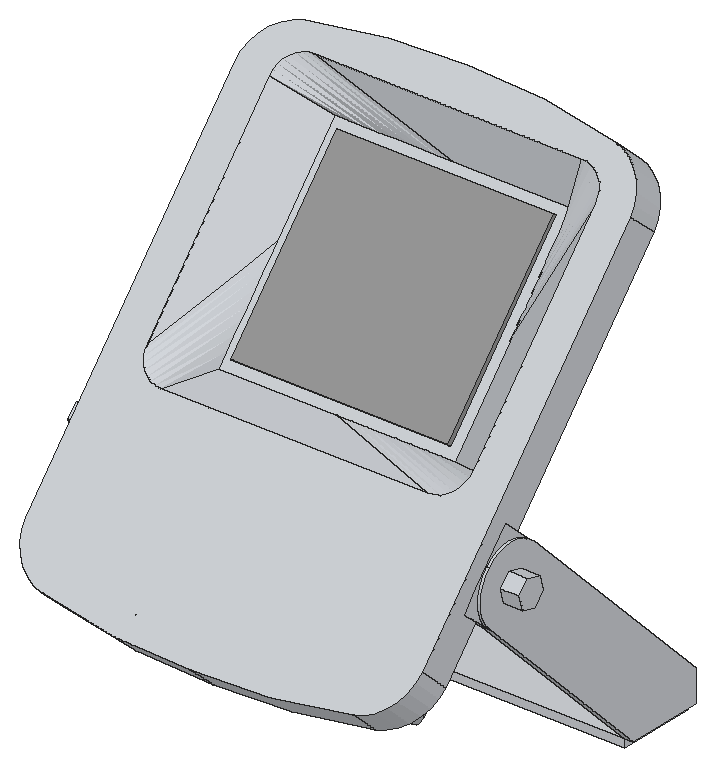
Revit family "0056711", category Generic Models, host Face, Revit 2018
Family settings
  Host = Face
  Can host rebar = No
  Round Connector Dimension = Use Diameter
  Part Type = Normal
  OmniClass Number = 23.80.70.00
  OmniClass Title = Lighting
  Cut with Voids When Loaded = No
  Shared = No
  Room Calculation Point = No
Parameters (values of type "Type Name")
  bracket length = 203 mm
  Width = 40 mm
  URL = "http://www.sylvania-lighting.com"
  Type Image = <None>
  Type Comments = "n/a"
  Material_3_SYL = none
  Model = ""
  Manufacturer = "Feilo Sylvania"
  Length = 231 mm
  Keynote = ""
  Material_2_SYL = none
  Description = ""
  Default Elevation = 1219.2 mm
  Cost = 0
  Material_1_SYL = none
  Assembly Code = ""
  Material_4_SYL = none
Reference planes
  plane 1 "Center (Front/Back)": y = 0
  plane 2: z = 0
  plane 3 "Center (Left/Right)": x = 0
  plane 4: y = 20
  plane 5: y = -20
  plane 6: x = -115.5
  plane 7: x = 115.5
  plane 8: y = 46
  plane 9: z = 200
  plane 10: through (0, -20, 4) normal (0, 0.7071, 0.7071)
  plane 11: through (0, 28.284, 12.284) normal (0, 0.7071, 0.7071)
  plane 12: z = 180
  plane 13: through (0, 7.834, 4.45) normal (0, 0.7071, 0.7071)
  plane 14: through (0, -70.356, 137.359) normal (0, -0.7071, 0.7071)
  plane 15: z = 126
  plane 16: z = 110
  plane 17: through (0, -97.716, 110) normal (0, -0.7071, 0.7071)
  plane 18: through (0, -86.18, 149.82) normal (0, -0.7071, 0.7071)
  plane 19: x = -101.5
  plane 20: x = 101.5
Forms (mm)
  Extrusion 1, solid, detail levels medium+fine
    sketch origin (0, 0, 0) x (1, 0, 0) y (0, 1, 0)
      loop
        line (-97.548, 20) -> (-97.548, -20) -> (101.491, -20) -> (101.491, 20) -> (-97.548, 20)
    from 0 to 4
  Extrusion 2, solid, detail levels medium+fine
    sketch origin (25.482, 1524, 1219.2) x (0, 1, 0) y (0, 0, 1)
      loop
        arc (-1607.574, -1095.058) -> (-1621.716, -1089.2) -> (-1635.858, -1095.058) r 20
        arc (-1635.858, -1095.058) -> (-1641.716, -1109.2) -> (-1635.858, -1123.342) r 20
        line (-1635.858, -1123.342) -> (-1544, -1215.2) -> (-1504, -1215.2) -> (-1504, -1198.631) -> (-1607.574, -1095.058)
    from -123.03 to -126.982
  Extrusion 3, solid, detail levels fine
    sketch origin (-37.5, 1594, 1149.2) x (0, 1, 0) y (0, 0, 1)
      loop
        line (-1686.059, -1033.543) -> (-1693.786, -1031.473) -> (-1699.443, -1037.129) -> (-1697.373, -1044.857) -> (-1689.645, -1046.927) -> (-1683.988, -1041.271) -> (-1686.059, -1033.543)
    from -78 to -64
  Revolve 4, solid, detail levels medium
    sketch origin (1528.249, -97.584, 1149.178) x (1, 0, 0) y (0, 0, 1)
      loop
        line (-1426.757, -1019.2) -> (-1428.444, -1019.2) -> (-1428.444, -1039.2) -> (-1426.757, -1039.2) -> (-1426.757, -1019.2)
      axis (-1428.444, -1039.2) -> (-1426.757, -1039.2)
    angle from 41.575 to 222.798
  Extrusion 5, solid, detail levels medium+fine
    sketch origin (319, 1524, 1219.2) x (0, 1, 0) y (0, 0, 1)
      loop
        arc (-1607.574, -1095.058) -> (-1621.716, -1089.2) -> (-1635.858, -1095.058) r 20
        arc (-1635.858, -1095.058) -> (-1641.716, -1109.2) -> (-1635.858, -1123.342) r 20
        line (-1635.858, -1123.342) -> (-1544, -1215.2) -> (-1504, -1215.2) -> (-1504, -1198.631) -> (-1607.574, -1095.058)
    from -217.509 to -213.509
  Extrusion 6, solid, detail levels fine
    sketch origin (286.5, 1594, 1149.2) x (0, 1, 0) y (0, 0, 1)
      loop
        line (-1686.059, -1033.543) -> (-1693.786, -1031.473) -> (-1699.443, -1037.129) -> (-1697.373, -1044.857) -> (-1689.645, -1046.927) -> (-1683.988, -1041.271) -> (-1686.059, -1033.543)
    from -181.009 to -171
  Extrusion 7, solid, detail levels coarse
    sketch origin (0, 0, 0) x (1, 0, 0) y (0, 1, 0)
      loop
        line (-115.5, 20) -> (-115.5, -117.774) -> (115.5, -117.774) -> (115.5, 20) -> (-115.5, 20)
    from 0 to 129.969
Dimensions and locks
  "Width": plane 4 to plane 5
  equal spacing: plane 4, plane 1 "Center (Front/Back)", plane 5
  "Length": plane 6 to plane 7
  equal spacing: plane 6, plane 3 "Center (Left/Right)", plane 7
  "bracket length": plane 19 to plane 20
  equal spacing: plane 19, plane 3 "Center (Left/Right)", plane 20
  aligned and locked: plane 2 to host face
  aligned and locked: level to host face
Automatic sketch dimensions
  host sketch curve to host sketch curve = 2438.4 mm  (x2)
  Extrusion 1 sketch curve to plane 5 = 0 mm
  plane 6 to Extrusion 1 sketch curve = 17.952 mm
  Extrusion 1 sketch curve to plane 7 = 14.009 mm
  Extrusion 1 sketch curve to plane 4 = 0 mm
  Extrusion 2 sketch curve to Extrusion 2 sketch curve = 0 mm  (x2)
  Extrusion 2 sketch curve to plane 10 = 0 mm  (x2)
  Extrusion 2 sketch curve to plane 14 = 0 mm  (x2)
  Extrusion 2 sketch curve to plane 13 = 0 mm  (x2)
  Extrusion 2 sketch curve to plane 18 = 0 mm
  Extrusion 2 sketch curve to plane 5 = 0 mm
  Extrusion 2 sketch curve to plane 4 = 0 mm
  Extrusion 2 sketch curve to plane 11 = 0 mm
  Extrusion 3 sketch curve to plane 14 = 0 mm  (x2)
  plane 16 to Extrusion 3 sketch curve = 2.071 mm
  Extrusion 3 sketch curve to plane 5 = 85.443 mm
  Extrusion 3 sketch curve to plane 16 = 5.657 mm
  plane 16 to Extrusion 3 sketch curve = 7.727 mm
  Extrusion 3 sketch curve to Extrusion 3 sketch curve = 5.657 mm
  Extrusion 3 sketch curve to plane 16 = 7.727 mm
  Extrusion 3 sketch curve to Extrusion 3 sketch curve = 7.727 mm
  plane 16 to Extrusion 3 sketch curve = 5.657 mm
  Extrusion 3 sketch curve to plane 16 = 2.071 mm
  Extrusion 3 sketch curve to Extrusion 3 sketch curve = 2.071 mm
  Revolve 4 sketch curve to plane 7 = 15.696 mm
  Revolve 4 sketch curve to Revolve 4 sketch curve = 1.687 mm
  Revolve 4 sketch curve to plane 12 = 70.022 mm  (x2)
  Revolve 4 sketch curve to plane 9 = 70.022 mm
  Revolve 4 sketch curve to Revolve 4 sketch curve = 8.585 mm
  plane 7 to Revolve 4 sketch curve = 24.576 mm
  Extrusion 5 sketch curve to Extrusion 5 sketch curve = 0 mm  (x2)
  Extrusion 5 sketch curve to plane 10 = 0 mm  (x2)
  Extrusion 5 sketch curve to plane 14 = 0 mm  (x2)
  Extrusion 5 sketch curve to plane 13 = 0 mm  (x2)
  Extrusion 5 sketch curve to plane 18 = 0 mm
  Extrusion 5 sketch curve to plane 5 = 0 mm
  Extrusion 5 sketch curve to plane 4 = 0 mm
  Extrusion 5 sketch curve to plane 11 = 0 mm
  Extrusion 6 sketch curve to plane 14 = 0 mm  (x2)
  plane 16 to Extrusion 6 sketch curve = 2.071 mm
  Extrusion 6 sketch curve to plane 5 = 85.443 mm
  Extrusion 6 sketch curve to plane 16 = 5.657 mm
  plane 16 to Extrusion 6 sketch curve = 7.727 mm
  Extrusion 6 sketch curve to Extrusion 6 sketch curve = 5.657 mm
  Extrusion 6 sketch curve to plane 16 = 7.727 mm
  Extrusion 6 sketch curve to Extrusion 6 sketch curve = 7.727 mm
  plane 16 to Extrusion 6 sketch curve = 5.657 mm
  Extrusion 6 sketch curve to plane 16 = 2.071 mm
  Extrusion 6 sketch curve to Extrusion 6 sketch curve = 2.071 mm
  plane 6 to Extrusion 7 sketch curve = 0 mm
  Extrusion 7 sketch curve to plane 7 = 0 mm
  Extrusion 7 sketch curve to plane 4 = 0 mm
  Extrusion 7 sketch curve to plane 5 = 97.774 mm
Nested families
  nested 1: "56711 head" at (2.127, -63.359, 148.56) x (-1, 0, 0) z (0, -0.7481, 0.6636), type "0056711 KALANI IP66 7KLM 840 ASYM"
    with built-in parameter 1114216 (empty or 0)
Definition of nested family "56711 head"
  Parameters (values of type "0056711 KALANI IP66 7KLM 840 ASYM")
    length = 267 mm
    height = 68 mm
    Width = 203 mm
    Wattage Comments = "n/a"
    Wattage = 9.2903 W
    built-in parameter 1150110 = 1 (stored number, unit not read)
    URL = "0.95"
    Type Image = (empty or 0)
    Type Comments = "n/a"
    built-in parameter 1114217 = 1 (stored number, unit not read)
    Tilt Angle = 90.00°
    built-in parameter 1150109 = 1 (stored number, unit not read)
    built-in parameter 1150134 = 3
    built-in parameter 1150113 = 1 (stored number, unit not read)
    Photometric Web File = "0056711.IES"
    Material_3_SYL = none
    Model = "Kalani IP66 7KLM 840 ASYM"
    Manufacturer = ""
    built-in parameter 1150105 = 109.82 (stored number, unit not read)
    Lumens = 1380 lm
    built-in parameter 1150115 = 1 (stored number, unit not read)
    built-in parameter 1150137 = (empty or 0)
    built-in parameter 1150139 = (empty or 0)
    built-in parameter 1150112 = 1 (stored number, unit not read)
    built-in parameter 1150114 = 1 (stored number, unit not read)
    Lamp = "n/a"
    Keynote = "n/a"
    Material_2_SYL = none
    built-in parameter 1150132 = (empty or 0)
    built-in parameter 1150102 = (empty or 0)
    built-in parameter 1150107 = 3200 (stored number, unit not read)
    built-in parameter 1150138 = (empty or 0)
    built-in parameter 1150106 = 1.0982 (stored number, unit not read)
    Emit from Circle Diameter = 609.6 mm
    Emit Shape Visible in Rendering = no
    built-in parameter 1150104 = 13.8 (stored number, unit not read)
    Dimming Lamp Color Temperature Shift = (empty or 0)
    Description = "Exterior LED Floodlight, comes complete with 1000mm flying lead and adjustable bracket, aluminium housing, clear glass diffuser, IP66, IK08, Class I, 4000K, CRI80, Non-dimmable, 7300lm, 51W, 143lm/W, Asymmetrical Wide beam, 100.000hrs L70B50 lifespan, 330 x 231 x 68mm (LxWxD) dimensions, 2.1kg weight, RAL9017 Traffic Black color."
    Default Elevation = 1219.2 mm
    Cost = 0
    Color Filter = 16777215
    built-in parameter 1114216 [instance] = (empty or 0)
    Material_1_SYL = none
    built-in parameter 1114218 = 1 (stored number, unit not read)
    built-in parameter 1150133 = 10 (stored number, unit not read)
    Assembly Code = "D5020200"
    Apparent Load = 51 VA
    Material_4_SYL = none
  Reference planes
    plane 1 "Center (Front/Back)": y = 0
    plane 2: z = 0
    plane 3 "Center (Left/Right)": x = 0
    plane 4: z = 30
    plane 5: x = -101.5
    plane 6: x = 101.5
    plane 7: y = 133.5
    plane 8: y = -133.5
    plane 9: y = 126.5
    plane 10: x = -79.5
    plane 11: y = 100.5
    plane 12: z = -38
    plane 13: y = 115.5
    plane 14: x = -83.5
    plane 15: x = 83.5
    plane 16: x = -68.5
    plane 17: z = -17.627
    plane 18: z = -29.097
    plane 19: x = 79.5
    plane 20: x = -32.747
    plane 21: x = 32.7
    plane 22: y = -115.5
    plane 23: x = 83.5
    plane 24: x = -83.5
    plane 25: y = 32.5
    plane 26: y = 14.5
    plane 27: x = -60.5
    plane 28: x = 60.5
    plane 29: y = -97.5
    plane 30: y = 17.5
    plane 31: y = -41.5
    plane 32: y = 9.5
    plane 33: x = -55.5
    plane 34: x = 55.5
    plane 35: y = -92.5
    plane 36: z = 20
    plane 37: y = 51.5
    plane 38: y = 71.5
    plane 39: y = 31.5
    plane 40: z = -18
  Forms (mm)
    Extrusion 1, solid
      sketch origin (4.2, 0, 0) x (1, 0, 0) y (0, 1, 0)
        loop
          line (-1219.2, 1219.2) -> (-1219.2, -1219.2) -> (1219.2, -1219.2) -> (1219.2, 1219.2) -> (-1219.2, 1219.2)
      from 0 to -68.017
    Extrusion 2, solid, detail levels medium+fine
      sketch origin (0, 0, 0) x (1, 0, 0) y (0, 1, 0)
        loop
          arc (0, 133.5) -> (-39.943, 132.193) -> (-79.5, 126.5) r 362.813
          arc (-79.5, 126.5) -> (-95.029, 117.332) -> (-101.5, 100.5) r 27.406
          line (-101.5, 100.5) -> (-101.5, -100.5)
          arc (-101.5, -100.5) -> (-95.029, -117.332) -> (-79.5, -126.5) r 27.406
          arc (-79.5, -126.5) -> (-39.943, -132.193) -> (0, -133.5) r 362.813
          arc (0, -133.5) -> (39.943, -132.193) -> (79.5, -126.5) r 362.813
          arc (79.5, -126.5) -> (95.029, -117.332) -> (101.5, -100.5) r 27.406
          line (101.5, -100.5) -> (101.5, 100.5)
          arc (101.5, 100.5) -> (95.029, 117.332) -> (79.5, 126.5) r 27.406
          arc (79.5, 126.5) -> (39.943, 132.193) -> (0, 133.5) r 362.813
      from 30 to 10
    Extrusion 3, solid
      sketch origin (0, 0, 0) x (1, 0, 0) y (0, 1, 0)
        loop
          line (-83.5, 100.5) -> (-83.5, 0.341) -> (-83.5, -99.817)
          arc (-83.5, -99.817) -> (-79.107, -110.424) -> (-68.5, -114.817) r 15
          line (-68.5, -114.817) -> (0, -114.817) -> (68.5, -114.817)
          arc (68.5, -114.817) -> (79.107, -110.424) -> (83.5, -99.817) r 15
          line (83.5, -99.817) -> (83.5, 0.341) -> (83.5, 100.5)
          arc (83.5, 100.5) -> (79.107, 111.107) -> (68.5, 115.5) r 15
          line (68.5, 115.5) -> (0, 115.5) -> (-68.5, 115.5)
          arc (-68.5, 115.5) -> (-79.107, 111.107) -> (-83.5, 100.5) r 15
      from -38 to 10
    Extrusion 4, void, detail levels medium+fine
      sketch origin (0, 0, 0) x (0, 1, 0) y (0, 0, 1)
        loop
          line (-114.817, 10) -> (-119.5, 10) -> (-119.5, -45) -> (120.5, -45) -> (120.5, 10) -> (115.5, 10) -> (115.5, -23)
          arc (115.5, -23) -> (111.107, -33.607) -> (100.5, -38) r 15
          arc (100.5, -38) -> (7.342, -26.72) -> (-84.506, -7.5) r 1094.362
          arc (-84.506, -7.5) -> (-100.87, -0.843) -> (-114.817, 10) r 64.575
      from -96.169 to 98.305
    Extrusion 5, void
      sketch origin (0, 0, 0) x (1, 0, 0) y (0, 0, 1)
        loop
          arc (-68.5, -29.076) -> (-76.864, -21.997) -> (-81.364, -12.005) r 24.817
          arc (-81.364, -12.005) -> (-83.004, -1.058) -> (-83.5, 10) r 106.706
          line (-83.5, 10) -> (-88.5, 10) -> (-88.5, -42.228) -> (-32.747, -42.228) -> (-32.747, -38)
          arc (-32.747, -38) -> (-51.151, -35.65) -> (-68.5, -29.076) r 79.063
      from -197.298 to 143.969
    Extrusion 6, void
      sketch origin (0, 0, 0) x (1, 0, 0) y (0, 0, 1)
        loop
          line (32.7, -38) -> (32.7, -42.67) -> (88.5, -42.67) -> (88.5, 10) -> (83.5, 10)
          arc (83.5, 10) -> (82.642, -3.979) -> (79.5, -17.627) r 84.98
          arc (79.5, -17.627) -> (74.94, -24.255) -> (68.5, -29.076) r 24.816
          arc (68.5, -29.076) -> (51.128, -35.656) -> (32.7, -38) r 79.067
      from -197.298 to 143.969
    Blend 7, void
      base sketch origin (0, 0, 0) x (1, 0, 0) y (0, 1, 0)
        loop
          line (-83.5, 17.5) -> (-83.5, -100.5)
          arc (-83.5, -100.5) -> (-79.107, -111.107) -> (-68.5, -115.5) r 15
          line (-68.5, -115.5) -> (68.5, -115.5)
          arc (68.5, -115.5) -> (79.107, -111.107) -> (83.5, -100.5) r 15
          line (83.5, -100.5) -> (83.5, 17.5)
          arc (83.5, 17.5) -> (79.107, 28.107) -> (68.5, 32.5) r 15
          line (68.5, 32.5) -> (-68.5, 32.5)
          arc (-68.5, 32.5) -> (-79.107, 28.107) -> (-83.5, 17.5) r 15
      top sketch origin (0, 0, 0) x (1, 0, 0) y (0, 1, 0)
        loop
          line (-60.5, 14.5) -> (-60.5, -41.5) -> (-60.5, -97.5) -> (0, -97.5) -> (60.5, -97.5) -> (60.5, -41.5) -> (60.5, 14.5) -> (0, 14.5) -> (-60.5, 14.5)
      from 30 to 10
    Extrusion 8, solid, detail levels fine
      sketch origin (0, 0, 0) x (1, 0, 0) y (0, 1, 0)
        loop
          line (-55.5, 9.5) -> (-55.5, -92.5) -> (55.5, -92.5) -> (55.5, 9.5) -> (-55.5, 9.5)
      from 10 to 12
    Extrusion 9, solid, detail levels medium+fine
      sketch origin (0, 0, 0) x (0, 1, 0) y (0, 0, 1)
        loop
          arc (31.5, 0) -> (37.824, -13.084) -> (51.5, -18) r 19.219
          arc (51.5, -18) -> (64.735, -12.595) -> (71.5, 0) r 21.131
          line (71.5, 0) -> (71.5, 20) -> (31.5, 20) -> (31.5, 0)
      from 101.5 to 97.5
    Extrusion 10, solid
      sketch origin (0, 0, 0) x (0, 1, 0) y (0, 0, 1)
        loop
          arc (43.5, 0) -> (45.843, -5.657) -> (51.5, -8) r 8
          arc (51.5, -8) -> (57.157, -5.657) -> (59.5, 0) r 8
          line (59.5, 0) -> (59.5, 20) -> (43.5, 20) -> (43.5, 0)
      from 79.5 to 97.5
    Extrusion 11, solid, detail levels medium+fine
      sketch origin (0, 0, 0) x (0, 1, 0) y (0, 0, -1)
        loop
          line (31.5, 0) -> (31.5, -20) -> (71.5, -20) -> (71.5, 0)
          arc (71.5, 0) -> (64.735, 12.595) -> (51.5, 18) r 21.131
          arc (51.5, 18) -> (37.824, 13.084) -> (31.5, 0) r 19.219
      from 101.5 to 97.5
    Extrusion 12, solid
      sketch origin (0, 0, 0) x (0, 1, 0) y (0, 0, -1)
        loop
          line (43.5, 0) -> (43.5, -20) -> (59.5, -20) -> (59.5, 0)
          arc (59.5, 0) -> (57.157, 5.657) -> (51.5, 8) r 8
          arc (51.5, 8) -> (45.843, 5.657) -> (43.5, 0) r 8
      from 79.5 to 97.5
    Extrusion 13, solid, detail levels coarse
      sketch origin (1524, -324.9, 1219.2) x (1, 0, 0) y (0, 0, 1)
        loop
          line (-1422.5, -1189.2) -> (-1625.5, -1189.2) -> (-1625.5, -1257.2) -> (-1422.5, -1257.2) -> (-1422.5, -1189.2)
      from -458.4 to -191.4
  Cuts and joins
    Extrusion 4, Extrusion 5, Extrusion 6, Blend 7 cuts Extrusion 2
    Extrusion 4, Extrusion 5, Extrusion 6 cuts Extrusion 3
  Dimensions and locks
    "Width": plane 5 to plane 6
    equal spacing: plane 5, plane 3 "Center (Left/Right)", plane 6
    "length": plane 7 to plane 8
    equal spacing: plane 7, plane 1 "Center (Front/Back)", plane 8
    "height": plane 4 to plane 12
    aligned and locked: plane 2 to Extrusion 1
    aligned and locked: level to Extrusion 1
  Automatic sketch dimensions
    Extrusion 1 sketch curve to Extrusion 1 sketch curve = 2438.4 mm  (x2)
    Extrusion 2 sketch curve to plane 5 = 0 mm
    Extrusion 2 sketch curve to plane 10 = 0 mm  (x3)
    Extrusion 2 sketch curve to plane 9 = 0 mm  (x4)
    Extrusion 2 sketch curve to plane 3 "Center (Left/Right)" = 0 mm  (x2)
    Extrusion 2 sketch curve to plane 19 = 0 mm  (x3)
    Extrusion 2 sketch curve to plane 6 = 0 mm
    Extrusion 2 sketch curve to plane 8 = 0 mm
    plane 11 to Extrusion 2 sketch curve = 0 mm
    Extrusion 2 sketch curve to plane 11 = 0 mm
    Extrusion 2 sketch curve to plane 7 = 0 mm
    plane 10 to Extrusion 2 sketch curve = 5.392 mm
    Extrusion 2 sketch curve to Extrusion 2 sketch curve = 5.392 mm  (x2)
    Extrusion 2 sketch curve to plane 3 "Center (Left/Right)" = 8.12 mm
    plane 3 "Center (Left/Right)" to Extrusion 2 sketch curve = 8.12 mm  (x2)
    Extrusion 2 sketch curve to plane 29 = 3 mm  (x2)
    Extrusion 3 sketch curve to plane 11 = 0 mm
    Extrusion 3 sketch curve to plane 14 = 0 mm
    Extrusion 3 sketch curve to plane 13 = 0 mm
    Extrusion 3 sketch curve to plane 16 = 0 mm
    Extrusion 3 sketch curve to plane 3 "Center (Left/Right)" = 0 mm  (x2)
    plane 11 to Extrusion 3 sketch curve = 0 mm
    Extrusion 3 sketch curve to plane 15 = 0 mm
    plane 22 to Extrusion 3 sketch curve = 0.683 mm
    plane 28 to Extrusion 3 sketch curve = 8 mm
    Extrusion 3 sketch curve to plane 1 "Center (Front/Back)" = 0.341 mm  (x2)
    Extrusion 4 sketch curve to plane 11 = 0 mm
    Extrusion 4 sketch curve to plane 13 = 0 mm
    Extrusion 4 sketch curve to plane 12 = 0 mm
    plane 35 to Extrusion 4 sketch curve = 23.917 mm
    plane 22 to Extrusion 4 sketch curve = 0.683 mm
    Extrusion 4 sketch curve to plane 22 = 4 mm
    Extrusion 4 sketch curve to Extrusion 4 sketch curve = 5 mm
    plane 7 to Extrusion 4 sketch curve = 51.855 mm
    Extrusion 4 sketch curve to plane 12 = 7 mm
    level to Extrusion 4 sketch curve = 10 mm  (x2)
    plane 4 to Extrusion 4 sketch curve = 25.081 mm
    plane 4 to Extrusion 4 sketch curve = 1023.067 mm
    Extrusion 5 sketch curve to plane 14 = 0 mm
    Extrusion 5 sketch curve to plane 16 = 0 mm  (x2)
    plane 20 to Extrusion 5 sketch curve = 0 mm
    Extrusion 5 sketch curve to plane 14 = 5 mm
    Extrusion 5 sketch curve to plane 33 = 1.545 mm
    Extrusion 5 sketch curve to plane 20 = 0.741 mm
    Extrusion 5 sketch curve to plane 21 = 9.496 mm
    Extrusion 5 sketch curve to plane 12 = 4.228 mm
    plane 12 to Extrusion 5 sketch curve = 0 mm
    Extrusion 5 sketch curve to level = 7.062 mm
    level to Extrusion 5 sketch curve = 9.251 mm
    level to Extrusion 5 sketch curve = 10 mm
    Extrusion 6 sketch curve to plane 21 = 0 mm
    Extrusion 6 sketch curve to plane 17 = 0 mm
    Extrusion 6 sketch curve to plane 19 = 0 mm
    Extrusion 6 sketch curve to plane 15 = 0 mm
    Extrusion 6 sketch curve to plane 21 = 0.697 mm
    Extrusion 6 sketch curve to plane 3 "Center (Left/Right)" = 1.461 mm
    plane 34 to Extrusion 6 sketch curve = 1.545 mm
    plane 15 to Extrusion 6 sketch curve = 5 mm
    Extrusion 6 sketch curve to plane 12 = 0 mm
    Extrusion 6 sketch curve to Extrusion 6 sketch curve = 4.67 mm
    Extrusion 6 sketch curve to level = 7.062 mm
    level to Extrusion 6 sketch curve = 8.198 mm
    plane 4 to Extrusion 6 sketch curve = 11.064 mm
    Blend 7 sketch curve to plane 14 = 0 mm
    Blend 7 sketch curve to plane 16 = 0 mm  (x2)
    Blend 7 sketch curve to plane 22 = 0 mm
    Blend 7 sketch curve to plane 25 = 0 mm
    plane 30 to Blend 7 sketch curve = 0 mm
    Blend 7 sketch curve to plane 15 = 0 mm
    Blend 7 sketch curve to plane 29 = 3 mm
    Blend 7 sketch curve to plane 26 = 0 mm
    Blend 7 sketch curve to plane 27 = 0 mm
    Blend 7 sketch curve to plane 3 "Center (Left/Right)" = 0 mm  (x2)
    Blend 7 sketch curve to plane 28 = 0 mm
    Blend 7 sketch curve to plane 29 = 0 mm
    Blend 7 sketch curve to plane 31 = 0 mm  (x2)
    Extrusion 8 sketch curve to plane 33 = 0 mm
    Extrusion 8 sketch curve to plane 34 = 0 mm
    Extrusion 8 sketch curve to plane 35 = 0 mm
    Extrusion 8 sketch curve to plane 32 = 0 mm
    Extrusion 9 sketch curve to level = 0 mm  (x2)
    Extrusion 9 sketch curve to plane 39 = 0 mm
    Extrusion 9 sketch curve to plane 37 = 0 mm  (x2)
    plane 36 to Extrusion 9 sketch curve = 0 mm
    Extrusion 9 sketch curve to plane 38 = 0 mm
    Extrusion 9 sketch curve to plane 40 = 0 mm
    Extrusion 9 sketch curve to plane 37 = 0.9 mm
    Extrusion 10 sketch curve to Extrusion 10 sketch curve = 0 mm  (x2)
    Extrusion 10 sketch curve to plane 36 = 0 mm
    Extrusion 10 sketch curve to level = 0 mm
    Extrusion 10 sketch curve to plane 37 = 0 mm
    Extrusion 10 sketch curve to plane 37 = 8 mm
    Extrusion 11 sketch curve to level = 0 mm  (x2)
    Extrusion 11 sketch curve to plane 39 = 0 mm
    Extrusion 11 sketch curve to plane 37 = 0 mm  (x2)
    plane 36 to Extrusion 11 sketch curve = 0 mm
    Extrusion 11 sketch curve to plane 38 = 0 mm
    Extrusion 11 sketch curve to plane 40 = 0 mm
    Extrusion 11 sketch curve to plane 37 = 0.9 mm
    Extrusion 12 sketch curve to Extrusion 12 sketch curve = 0 mm  (x2)
    plane 36 to Extrusion 12 sketch curve = 0 mm
    Extrusion 12 sketch curve to level = 0 mm
    Extrusion 12 sketch curve to plane 37 = 0 mm
    Extrusion 12 sketch curve to plane 37 = 8 mm
    Extrusion 13 sketch curve to plane 4 = 0 mm
    Extrusion 13 sketch curve to plane 5 = 0 mm
    Extrusion 13 sketch curve to plane 6 = 0 mm
    Extrusion 13 sketch curve to plane 12 = 0 mm
  Connectors
    electrical at (0, 0, 0), driven by "Apparent Load"
      settings: index 1, voltage 230 V, apparent load 51 VA, apparent load phase1 0 VA, apparent load phase2 0 VA, apparent load phase3 0 VA, power factor 0, load classification none, number of poles 1, system type 30, power factor state 1, is connector primary yes, connector utility no, sub classification motor no, connector description ""
